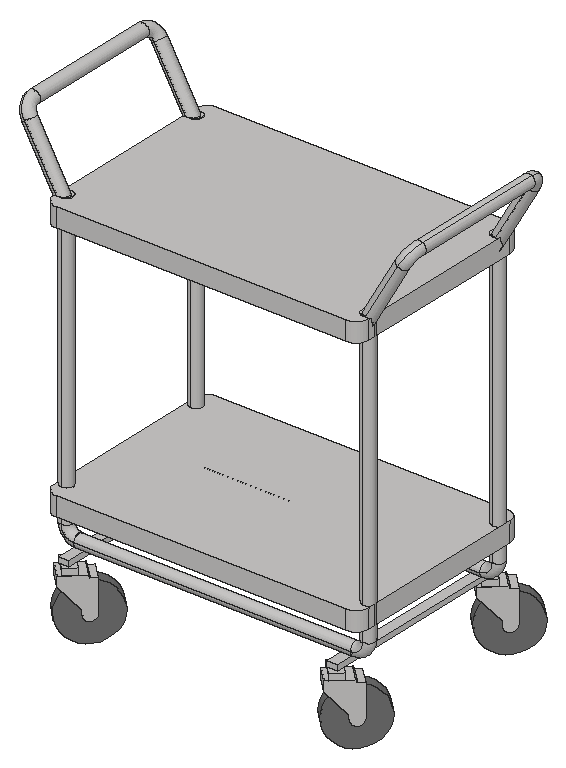
Revit family "QF_Vollrath_97160", category Specialty Equipment, Revit 2016
Family settings
  Part Type = Normal
  Round Connector Dimension = Use Diameter
  OmniClass Number = 23.40.40.14.17
  OmniClass Title = Food Cooking Equipment
  Work Plane-Based = No
  Always vertical = Yes
  Cut with Voids When Loaded = No
  Shared = No
  Room Calculation Point = No
Parameters (values of type "97160")
  Width [instance] = 16.00"
  Weight in Pounds = 32.25
  Watermarked By = "http://revitwatermark.com"
  URL Cutsheet = ""
  URL = ""
  Status [instance] = ""
  Specification by User [instance] = ""
  Specification by Manufacturer [instance] = ""
  Serial Number [instance] = ""
  Seismic Rating [instance] = ""
  Revision Code [instance] = ""
  NAFEM Spec ID Number [instance] = ""
  Model = "97160"
  Masterspec = ""
  Manufacturer = "Vollrath"
  Item Number [instance] = "-"
  Installed By [instance] = ""
  Identify Quantity as Lot [instance] = no
  Furnished By [instance] = ""
  Foodservice Equipment Identifier [instance] = yes
  Description = "Cart, Utility"
  Depth [instance] = 31.50"
  CSI MasterFormat = "11 48 13"
  Assembly Code = "E1090320"
Reference planes (in)
  plane 1: z = 0
  plane 2 "LEFT": x = 0
  plane 3 "RIGHT": x = 31.5
  plane 4 "FRONT": y = -19.62
  plane 5 "BACK": y = -3.62
  plane 6 "TOP": z = 36.5
  plane 7: x = 3.8
  plane 8: x = 27.7
  plane 9: z = 5.6
  plane 10: z = 6
  plane 11: z = 8.7
  plane 12: z = 10.2
  plane 13: z = 29.2
  plane 14: z = 30.7
  plane 15: y = -11.62
  plane 16: y = -18.02
  plane 17: y = -5.22
  plane 18: x = 15.75
Forms (in)
  Sweep 1, solid, material "QF_Finishes_Stainless Steel"
    path origin (16.16378, -0.04782, 1.26776) x (0, 1, 0) y (0.493545, 0, -0.86972)
      loop
        line (-17.97218, -30.7) -> (-17.97218, -36.95172)
        arc (-17.97218, -36.95172) -> (-17.67928, -37.65883) -> (-16.97218, -37.95172) r 1
        line (-16.97218, -37.95172) -> (-6.17218, -37.95172)
        arc (-6.17218, -37.95172) -> (-5.46507, -37.65883) -> (-5.17218, -36.95172) r 1
        line (-5.17218, -36.95172) -> (-5.17218, -30.7)
    profile origin (-0.53081, -18.02, 30.6868) x (0, 1, 0) y (-0.86972, 0, -0.493545)
      loop
        circle (0, -3.5) r 0.5
  Extrusion 2, solid, material "QF_Finishes_Stainless Steel"
    sketch origin (1.26549, 0, 16.75) x (-1, 0, 0) y (0, -1, 0)
      loop
        line (-3.40691, 3.85981) -> (-3.40691, 19.75491) -> (-4.1621, 19.75491) -> (-4.1621, 3.85981) -> (-3.40691, 3.85981)
      loop
        line (-24.51979, 3.85981) -> (-24.51979, 19.62) -> (-25.36107, 19.62) -> (-25.36107, 3.85981) -> (-24.51979, 3.85981)
    from -11.15 to -10.75
  Sweep 3, solid, material "QF_Finishes_Stainless Steel"
    path origin (0.07416, -4.72, 0) x (1, 0, 0) y (0, 0, -1)
      loop
        line (3.8, -30.7) -> (3.8, -7.51983)
        arc (3.8, -7.51983) -> (4.09289, -6.81273) -> (4.8, -6.51983) r 1
        line (4.8, -6.51983) -> (26.7, -6.51983)
        arc (26.7, -6.51983) -> (27.40711, -6.81273) -> (27.7, -7.51983) r 1
        line (27.7, -7.51983) -> (27.7, -30.7)
    profile origin (3.87416, -4.72, 19.10992) x (0, 1, 0) y (-1, 0, 0)
      loop
        circle (-0.5, 0) r 0.5
  Extrusion 4, solid, material "QF_Finishes_Stainless Steel"
    sketch origin (0, 0, 16.75) x (-1, 0, 0) y (0, -1, 0)
      loop
        arc (-4.35971, 3.62) -> (-3.6526, 3.91289) -> (-3.35971, 4.62) r 1
        line (-3.35971, 4.62) -> (-3.35971, 18.62)
        arc (-3.35971, 18.62) -> (-3.6526, 19.32711) -> (-4.35971, 19.62) r 1
        line (-4.35971, 19.62) -> (-27.2901, 19.62)
        arc (-27.2901, 19.62) -> (-27.99721, 19.32711) -> (-28.2901, 18.62) r 1
        line (-28.2901, 18.62) -> (-28.2901, 4.62)
        arc (-28.2901, 4.62) -> (-27.99721, 3.91289) -> (-27.2901, 3.62) r 1
        line (-27.2901, 3.62) -> (-4.35971, 3.62)
    from -8.05 to -6.55
  Extrusion 5, solid, material "QF_Finishes_Stainless Steel"
    sketch origin (0, 0, 37.25) x (-1, 0, 0) y (0, -1, 0)
      loop
        arc (-4.35971, 3.62) -> (-3.6526, 3.91289) -> (-3.35971, 4.62) r 1
        line (-3.35971, 4.62) -> (-3.35971, 18.62)
        arc (-3.35971, 18.62) -> (-3.6526, 19.32711) -> (-4.35971, 19.62) r 1
        line (-4.35971, 19.62) -> (-27.2901, 19.62)
        arc (-27.2901, 19.62) -> (-27.99721, 19.32711) -> (-28.2901, 18.62) r 1
        line (-28.2901, 18.62) -> (-28.2901, 4.62)
        arc (-28.2901, 4.62) -> (-27.99721, 3.91289) -> (-27.2901, 3.62) r 1
        line (-27.2901, 3.62) -> (-4.35971, 3.62)
    from -8.05 to -6.55
  Sweep 6, solid, material "QF_Finishes_Stainless Steel"
    path origin (0.07416, -18.52, 0) x (1, 0, 0) y (0, 0, 1)
      loop
        line (3.8, 30.7) -> (3.8, 7.51983)
        arc (3.8, 7.51983) -> (4.09289, 6.81273) -> (4.8, 6.51983) r 1
        line (4.8, 6.51983) -> (26.7, 6.51983)
        arc (26.7, 6.51983) -> (27.40711, 6.81273) -> (27.7, 7.51983) r 1
        line (27.7, 7.51983) -> (27.7, 30.7)
    profile origin (3.87416, -18.52, 19.10992) x (0, -1, 0) y (1, 0, 0)
      loop
        circle (-0.5, 0) r 0.5
  Sweep 7, solid, material "QF_Finishes_Stainless Steel"
    path origin (15.33622, -0.04782, 1.26776) x (0, 1, 0) y (0.493545, 0, 0.86972)
      loop
        line (-17.97218, 30.7) -> (-17.97218, 36.95172)
        arc (-17.97218, 36.95172) -> (-17.67928, 37.65883) -> (-16.97218, 37.95172) r 1
        line (-16.97218, 37.95172) -> (-6.17218, 37.95172)
        arc (-6.17218, 37.95172) -> (-5.46507, 37.65883) -> (-5.17218, 36.95172) r 1
        line (-5.17218, 36.95172) -> (-5.17218, 30.7)
    profile origin (32.03081, -18.02, 30.6868) x (0, -1, 0) y (0.86972, 0, -0.493545)
      loop
        circle (0, -3.5) r 0.5
Lines and regions (in)
  symbolic lines
    curve 1: line (27.7, -4.62, 16.75) -> (3.8, -4.62, 16.75)
    curve 2: line (28.2901, -17.53132, 16.75) -> (28.2901, -4.62, 16.75)
    curve 3: line (3.35971, -5.62, 16.75) -> (3.35971, -17.53132, 16.75)
    curve 4: arc (3.8, -5.62, 16.75) -> (4.3, -5.12, 16.75) -> (3.8, -4.62, 16.75) r 0.5
    curve 5: line (27.7, -4.62, 16.75) -> (28.2901, -4.62, 16.75)
    curve 6: line (30.09504, -18.68548, 16.75) -> (1.40496, -18.68548, 16.75)
    curve 7: arc (1.40496, -18.68548, 16.75) -> (0.34319, -18.20633, 16.75) -> (0, -17.09315, 16.75) r 1.41598
    curve 8: line (0, -17.09315, 16.75) -> (0, -6.22, 16.75)
    curve 9: arc (0, -6.22, 16.75) -> (0.24752, -5.29624, 16.75) -> (0.92376, -4.62, 16.75) r 1.84752
    curve 10: line (0.92376, -4.62, 16.75) -> (3.8, -4.62, 16.75)
    curve 11: line (3.8, -5.62, 16.75) -> (3.35971, -5.62, 16.75)
    curve 12: line (3.35971, -5.62, 16.75) -> (1.10971, -5.62, 16.75)
    curve 13: line (1.10971, -5.62, 16.75) -> (1.10971, -17.53132, 16.75)
    curve 14: line (1.10971, -17.53132, 16.75) -> (3.87613, -17.53132, 16.75)
    curve 15: arc (3.87613, -18.68548, 16.75) -> (4.45321, -18.1084, 16.75) -> (3.87613, -17.53132, 16.75) r 0.57708
    curve 16: line (28.14029, -5.62, 16.75) -> (28.14029, -17.53132, 16.75)
    curve 17: arc (27.7, -5.62, 16.75) -> (27.2, -5.12, 16.75) -> (27.7, -4.62, 16.75) r 0.5
    curve 18: arc (30.09504, -18.68548, 16.75) -> (31.15681, -18.20633, 16.75) -> (31.5, -17.09315, 16.75) r 1.41598
    curve 19: line (31.5, -17.09315, 16.75) -> (31.5, -6.22, 16.75)
    curve 20: arc (31.5, -6.22, 16.75) -> (31.25248, -5.29624, 16.75) -> (30.57624, -4.62, 16.75) r 1.84752
    curve 21: line (30.57624, -4.62, 16.75) -> (27.7, -4.62, 16.75)
    curve 22: line (27.7, -5.62, 16.75) -> (28.14029, -5.62, 16.75)
    curve 23: line (28.14029, -5.62, 16.75) -> (30.39029, -5.62, 16.75)
    curve 24: line (30.39029, -5.62, 16.75) -> (30.39029, -17.53132, 16.75)
    curve 25: line (30.39029, -17.53132, 16.75) -> (27.62387, -17.53132, 16.75)
    curve 26: arc (27.62387, -18.68548, 16.75) -> (27.04679, -18.1084, 16.75) -> (27.62387, -17.53132, 16.75) r 0.57708
    curve 27: arc (4.35971, -3.62, 16.75) -> (3.6526, -3.91289, 16.75) -> (3.35971, -4.62, 16.75) r 1
    curve 28: line (27.2901, -3.62, 16.75) -> (4.35971, -3.62, 16.75)
    curve 29: arc (28.2901, -4.62, 16.75) -> (27.99721, -3.91289, 16.75) -> (27.2901, -3.62, 16.75) r 1
    curve 30: arc (27.2901, -19.62, 16.75) -> (27.97367, -19.34989, 16.75) -> (28.28796, -18.68548, 16.75) r 1
    curve 31: line (4.35971, -19.62, 16.75) -> (27.2901, -19.62, 16.75)
    curve 32: arc (3.35971, -18.62, 16.75) -> (3.6526, -19.32711, 16.75) -> (4.35971, -19.62, 16.75) r 1
Dimensions and locks (in)
  "Depth": plane 2 "LEFT" to plane 3 "RIGHT"
  plane 3 "RIGHT" to plane 2 "LEFT" = 31.50"
  "Width": plane 5 "BACK" to plane 4 "FRONT"
  locked: plane 8 to plane 3 "RIGHT" at 3.8
  plane 4 "FRONT" to plane 15 = 8.00"
  equal spacing: plane 4 "FRONT", plane 15, plane 5 "BACK"
  plane 9 to level = 5.60"
  plane 10 to plane 9 = 0.40"
  plane 11 to plane 10 = 2.70"
  plane 12 to plane 11 = 1.50"
  plane 13 to plane 12 = 19.00"
  plane 14 to plane 13 = 1.50"
  plane 6 "TOP" to plane 14 = 5.80"
  locked: plane 2 "LEFT" to plane 7 at 3.8
  plane 5 "BACK" to plane 17 = 1.60"
  plane 4 "FRONT" to plane 16 = 1.60"
  equal spacing: plane 2 "LEFT", plane 18, plane 3 "RIGHT"
  plane 6 "TOP" to level = 36.50"
  aligned and locked: level to plane 1
Automatic sketch dimensions
  Sweep 1 sketch curve to plane 16 = 0.00"
  plane 17 to Sweep 1 sketch curve = 0.00"
  Sweep 1 sketch curve to plane 16 = 1.00"
  Sweep 1 sketch curve to plane 17 = 1.00"
  Sweep 1 sketch curve to Sweep 1 sketch curve = 6.25172"  (x2)
  profile plane to Sweep 1 sketch curve = 0.00"
  Sweep 1 sketch curve to profile plane = 3.50"
  Extrusion 2 sketch curve to plane 8 = 1.07343"
  Extrusion 2 sketch curve to Extrusion 2 sketch curve = 0.84128"
  plane 17 to Extrusion 2 sketch curve = 1.36019"  (x2)
  plane 7 to Extrusion 2 sketch curve = 1.6276"
  Extrusion 2 sketch curve to Extrusion 2 sketch curve = 0.7552"
  plane 16 to Extrusion 2 sketch curve = 1.73491"
  plane 16 to Extrusion 2 sketch curve = 1.60"
  Sweep 3 sketch curve to plane 14 = 0.00"  (x2)
  plane 7 to Sweep 3 sketch curve = 0.07416"
  plane 10 to Sweep 3 sketch curve = 0.51983"
  plane 7 to Sweep 3 sketch curve = 1.07416"
  Sweep 3 sketch curve to plane 8 = 0.92584"
  plane 8 to Sweep 3 sketch curve = 0.07416"
  Sweep 3 sketch curve to profile plane = 0.00"
  Sweep 3 sketch curve to profile plane = 0.50"
  Extrusion 4 sketch curve to plane 5 "BACK" = 0.00"
  plane 4 "FRONT" to Extrusion 4 sketch curve = 0.00"
  plane 8 to Extrusion 4 sketch curve = 0.5901"
  Extrusion 4 sketch curve to plane 8 = 0.4099"  (x2)
  plane 7 to Extrusion 4 sketch curve = 0.55971"  (x2)
  Extrusion 4 sketch curve to plane 7 = 0.44029"
  Extrusion 5 sketch curve to plane 5 "BACK" = 0.00"
  plane 4 "FRONT" to Extrusion 5 sketch curve = 0.00"
  plane 8 to Extrusion 5 sketch curve = 0.5901"
  Extrusion 5 sketch curve to plane 8 = 0.4099"  (x2)
  plane 7 to Extrusion 5 sketch curve = 0.55971"  (x2)
  Extrusion 5 sketch curve to plane 7 = 0.44029"
  Sweep 6 sketch curve to plane 14 = 0.00"  (x2)
  plane 7 to Sweep 6 sketch curve = 0.07416"
  plane 10 to Sweep 6 sketch curve = 0.51983"
  plane 7 to Sweep 6 sketch curve = 1.07416"
  Sweep 6 sketch curve to plane 8 = 0.92584"
  plane 8 to Sweep 6 sketch curve = 0.07416"
  Sweep 6 sketch curve to profile plane = 0.00"
  Sweep 6 sketch curve to profile plane = 0.50"
  Sweep 7 sketch curve to plane 16 = 0.00"
  plane 17 to Sweep 7 sketch curve = 0.00"
  Sweep 7 sketch curve to plane 16 = 1.00"
  Sweep 7 sketch curve to plane 17 = 1.00"
  Sweep 7 sketch curve to Sweep 7 sketch curve = 0.00"
  Sweep 7 sketch curve to Sweep 7 sketch curve = 6.25172"
  Sweep 7 sketch curve to profile plane = 0.00"
  Sweep 7 sketch curve to profile plane = 3.50"
  curve 19 to plane 3 "RIGHT" = 0.00"
  curve 5 to plane 8 = 0.00"
  curve 28 to plane 5 "BACK" = 0.00"
  plane 4 "FRONT" to curve 31 = 0.00"
  curve 4 to plane 7 = 0.00"
  curve 9 to plane 2 "LEFT" = 0.00"
  curve 20 to plane 3 "RIGHT" = 0.92376"
  curve 24 to plane 17 = 0.40"
  curve 21 to curve 24 = 0.18594"
  curve 24 to curve 18 = 0.29525"
  curve 23 to curve 20 = 0.73782"
  plane 8 to curve 2 = 0.5901"
  plane 8 to curve 30 = 0.58796"
  curve 2 to curve 16 = 0.14981"
  curve 26 to plane 8 = 0.07613"
  curve 28 to plane 8 = 0.4099"
  curve 31 to plane 8 = 0.4099"
  plane 7 to curve 31 = 0.55971"
  plane 7 to curve 28 = 0.55971"
  plane 7 to curve 15 = 0.07613"
  curve 14 to curve 15 = 0.00"
  curve 32 to plane 7 = 0.44029"
  curve 3 to plane 7 = 0.44029"
  curve 9 to plane 17 = 1.00"
  curve 3 to curve 9 = 1.51218"
  plane 2 "LEFT" to curve 6 = 1.40496"
  curve 7 to curve 14 = 0.29525"
  plane 17 to curve 4 = 0.10"
  curve 7 to plane 16 = 0.92685"
  curve 18 to plane 16 = 0.92685"
  curve 14 to plane 16 = 0.48868"
  curve 16 to plane 16 = 0.48868"
  curve 30 to curve 26 = 0.06548"
  radius of Sweep 1 sketch curve = 0.50"
  radius of Sweep 3 sketch curve = 0.50"
  radius of Sweep 6 sketch curve = 0.50"
  radius of Sweep 7 sketch curve = 0.50"
Nested families (in)
  nested 1: "FESCaster" at (5.05, -4.12, 0), type "FESCaster"
    with Height 5.60", Caster Radius 2.30"
  nested 2: "FESCaster" at (5.05, -19.27, 0), type "FESCaster"
    with Height 5.60", Caster Radius 2.30"
  nested 3: "FESCaster" at (26.2, -19.27, 0), type "FESCaster"
    with Height 5.60", Caster Radius 2.30"
  nested 4: "FESCaster" at (26.2, -4.12, 0), type "FESCaster"
    with Height 5.60", Caster Radius 2.30"
Definition of nested family "FESCaster"
  Parameters
    Watermarked By = "http://revitwatermark.com"
    Type Comments = "⍁⍉⌁⌀⏭⎽⌇⍠⌜⍉⎖⌥⌦⌯⍭⏊⍻⍿⍊⏵⍊⏗⏠⍴⎡⌈⎀⍠⌓⌤⏘⎐⍀⌐⏬⏁⎈⏍⏦⎒⏬⌝⍩⍇⌣〈⎫〉⎁⏊⍥⍖⍥⍝⍦⌖⍀⏌⏭⎝⎼⏷⏞⍻⏯⎽⏷⏞⍻⏯⎽⏷⎺⌻⎝⍎⌧⏷⏟⏿⌿⍜⍦⍤⌁⍬⏶⏎⍊⏚⏉⎞⌡⎀⎪⏈⌟⌿⍾⍼⌟⌿⌢⌞⏞⏝⌻⎸⎻⎷⎳⎻⎛⌞⌼⏚⍿⏸⍨⏷⍡⍺⏼⏅⎏⌽⌻⍽⎝⍮⎧⍏⏳⏲⎼⏈⏋⏙⎏⏽⏘⍹⏞⌜⏼⍴⏶⏮⏿⌁"
    Height [instance] = 6.00"
    Caster Radius [instance] = if(Height < 3.00", 1.00", (Height / 2) - 0.50")  # 2.50"
    Assembly Code = ""
  Reference planes (in)
    plane 1 "Center (Front/Back)": y = 0
    plane 2: z = 0
    plane 3 "Center (Left/Right)": x = 0
    plane 4: z = 6
    plane 5: z = 5.5
  Forms (in)
    Extrusion 1, solid
      sketch origin (-24.12131, -22.88887, 10.18833) x (0.707107, 0.707107, 0) y (0, 0, 1)
        loop
          line (34.98772, -7.68833) -> (34.98772, -4.93833) -> (34.48772, -4.93833) -> (34.39402, -4.68833) -> (32.39402, -4.68833) -> (32.39402, -5.43833) -> (33.98772, -7.34206) -> (33.98772, -7.68833)
          arc (33.98772, -7.68833) -> (34.48772, -8.18833) -> (34.98772, -7.68833) r 0.5
      from 0 to 1.75
    Extrusion 2, solid
      sketch origin (-24.32327, -23.09083, 13.31461) x (0.707107, 0.707107, 0) y (0, 0, 1)
        loop
          circle (34.77334, -10.81461) r 2.5
      from 0.375 to 1.375
    Extrusion 3, solid
      sketch origin (-7.24148, -8.48391, 0) x (0.707107, 0.707107, 0) y (0, 0, 1)
        loop
          line (10.61603, 5.5) -> (11.61603, 5.5) -> (11.61603, 6) -> (10.61603, 6) -> (10.61603, 5.5)
      from 0 to -1.75
  Lines and regions (in)
    symbolic lines
      curve 1: line (-1.26158, -0.51911, 0) -> (1.39007, 2.13254, 0)
      curve 2: line (-0.53429, -1.24639, 0) -> (2.11736, 1.40526, 0)
      curve 3: line (-1.26158, -0.51911, 0) -> (1.39007, 2.13254, 0)
      curve 4: line (-0.53429, -1.24639, 0) -> (2.11736, 1.40526, 0)
  Dimensions and locks (in)
    locked: plane 4 to plane 5 at 0.5
    "Height": plane 4 to level
    "Caster Radius": Extrusion 2 sketch curve to level
    "Caster Radius": Extrusion 1 sketch curve to level
    "Caster Radius": radius of Extrusion 2 sketch curve
    aligned and locked: plane 2 to level
    aligned and locked: Extrusion 3 to plane 5
    aligned and locked: plane 4 to Extrusion 3
    aligned and locked: plane 5 to Extrusion 1
  Automatic sketch dimensions
    plane 1 "Center (Front/Back)" to curve 3 = 0.51911"
    curve 3 to plane 3 "Center (Left/Right)" = 1.26158"
    plane 1 "Center (Front/Back)" to curve 1 = 0.51911"
    curve 1 to curve 3 = 0.00"  (x3)
    curve 4 to plane 3 "Center (Left/Right)" = 0.53429"
    curve 2 to curve 4 = 0.00"  (x2)
    plane 3 "Center (Left/Right)" to curve 3 = 1.39007"
    curve 1 to curve 4 = 0.72729"
    curve 2 to curve 1 = 0.72729"
    curve 4 to curve 2 = 0.00"  (x2)
    curve 2 to plane 1 "Center (Front/Back)" = 1.40526"
    curve 2 to curve 3 = 0.72729"
    plane 5 to Extrusion 1 sketch curve = 0.00"
    Extrusion 1 sketch curve to Extrusion 1 sketch curve = 1.5937"
    Extrusion 1 sketch curve to Extrusion 1 sketch curve = 2.00"
    Extrusion 1 sketch curve to Extrusion 1 sketch curve = 0.0937"
    Extrusion 1 sketch curve to Extrusion 1 sketch curve = 0.50"
    Extrusion 1 sketch curve to Extrusion 1 sketch curve = 0.34627"
    Extrusion 1 sketch curve to plane 5 = 0.75"
    Extrusion 1 sketch curve to plane 5 = 0.25"
    Extrusion 3 sketch curve to plane 5 = 0.00"
    plane 4 to Extrusion 3 sketch curve = 0.00"
    Extrusion 3 sketch curve to Extrusion 3 sketch curve = 1.00"
